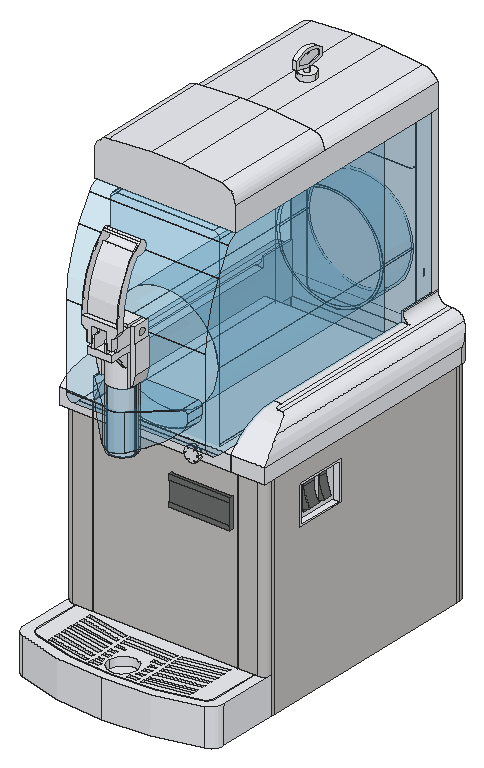
Revit family "QF_ELECTROLUXPROFESSIONAL_560103_SP1NewLUK", category Specialty Equipment, Revit 2018 (continued)
Lines and regions (mm)
  Split face 68
    outline origin (-128, -90, 0) x (0, -1, 0) y (0, 0, -1)
      loop
        line (-30.859, -262.213) -> (-104.859, -262.213) -> (-100.359, -270.213) -> (-35.359, -270.213) -> (-30.859, -262.213)
  Split face 69
    outline origin (-128, -90, 0) x (0, -1, 0) y (0, 0, -1)
      loop
        line (-30.859, -252.213) -> (-104.859, -252.213) -> (-100.359, -260.213) -> (-35.359, -260.213) -> (-30.859, -252.213)
  Split face 70
    outline origin (-128, -90, 0) x (0, -1, 0) y (0, 0, -1)
      loop
        line (-30.859, -242.213) -> (-104.859, -242.213) -> (-100.359, -250.213) -> (-35.359, -250.213) -> (-30.859, -242.213)
  Split face 71
    outline origin (-128, -90, -20) x (0, -1, 0) y (0, 0, -1)
      loop
        line (-30.859, -252.213) -> (-104.859, -252.213) -> (-100.359, -260.213) -> (-35.359, -260.213) -> (-30.859, -252.213)
  Split face 72
    outline origin (-128, -90, -20) x (0, -1, 0) y (0, 0, -1)
      loop
        line (-30.859, -242.213) -> (-104.859, -242.213) -> (-100.359, -250.213) -> (-35.359, -250.213) -> (-30.859, -242.213)
  Split face 73
    outline origin (-128, -90, -40) x (0, -1, 0) y (0, 0, -1)
      loop
        line (-30.859, -252.213) -> (-104.859, -252.213) -> (-100.359, -260.213) -> (-35.359, -260.213) -> (-30.859, -252.213)
  Split face 74
    outline origin (-128, -90, -40) x (0, -1, 0) y (0, 0, -1)
      loop
        line (-30.859, -242.213) -> (-104.859, -242.213) -> (-100.359, -250.213) -> (-35.359, -250.213) -> (-30.859, -242.213)
  Split face 75
    outline origin (-128, -90, -60) x (0, -1, 0) y (0, 0, -1)
      loop
        line (-30.859, -252.213) -> (-104.859, -252.213) -> (-100.359, -260.213) -> (-35.359, -260.213) -> (-30.859, -252.213)
  Split face 76
    outline origin (-128, -90, -60) x (0, -1, 0) y (0, 0, -1)
      loop
        line (-30.859, -242.213) -> (-104.859, -242.213) -> (-100.359, -250.213) -> (-35.359, -250.213) -> (-30.859, -242.213)
  Split face 77
    outline origin (-128, -90, -80) x (0, -1, 0) y (0, 0, -1)
      loop
        line (-30.859, -252.213) -> (-104.859, -252.213) -> (-100.359, -260.213) -> (-35.359, -260.213) -> (-30.859, -252.213)
  Split face 78
    outline origin (-128, -90, -80) x (0, -1, 0) y (0, 0, -1)
      loop
        line (-30.859, -242.213) -> (-104.859, -242.213) -> (-100.359, -250.213) -> (-35.359, -250.213) -> (-30.859, -242.213)
  Split face 79
    outline origin (-128, -90, -100) x (0, -1, 0) y (0, 0, -1)
      loop
        line (-30.859, -252.213) -> (-104.859, -252.213) -> (-100.359, -260.213) -> (-35.359, -260.213) -> (-30.859, -252.213)
  Split face 80
    outline origin (-128, -90, -100) x (0, -1, 0) y (0, 0, -1)
      loop
        line (-30.859, -242.213) -> (-104.859, -242.213) -> (-100.359, -250.213) -> (-35.359, -250.213) -> (-30.859, -242.213)
  Split face 81
    outline origin (-128, -90, -120) x (0, -1, 0) y (0, 0, -1)
      loop
        line (-30.859, -252.213) -> (-104.859, -252.213) -> (-100.359, -260.213) -> (-35.359, -260.213) -> (-30.859, -252.213)
  Split face 82
    outline origin (-128, -90, -120) x (0, -1, 0) y (0, 0, -1)
      loop
        line (-30.859, -242.213) -> (-104.859, -242.213) -> (-100.359, -250.213) -> (-35.359, -250.213) -> (-30.859, -242.213)
  Split face 83
    outline origin (-128, -90, -140) x (0, -1, 0) y (0, 0, -1)
      loop
        line (-30.859, -252.213) -> (-104.859, -252.213) -> (-100.359, -260.213) -> (-35.359, -260.213) -> (-30.859, -252.213)
  Split face 84
    outline origin (-128, -90, -140) x (0, -1, 0) y (0, 0, -1)
      loop
        line (-30.859, -242.213) -> (-104.859, -242.213) -> (-100.359, -250.213) -> (-35.359, -250.213) -> (-30.859, -242.213)
  Split face 85
    outline origin (-128, -90, -160) x (0, -1, 0) y (0, 0, -1)
      loop
        line (-30.859, -252.213) -> (-104.859, -252.213) -> (-100.359, -260.213) -> (-35.359, -260.213) -> (-30.859, -252.213)
  Split face 86
    outline origin (-128, -90, -160) x (0, -1, 0) y (0, 0, -1)
      loop
        line (-30.859, -242.213) -> (-104.859, -242.213) -> (-100.359, -250.213) -> (-35.359, -250.213) -> (-30.859, -242.213)
  Split face 87
    outline origin (-128, -90, -180) x (0, -1, 0) y (0, 0, -1)
      loop
        line (-30.859, -252.213) -> (-104.859, -252.213) -> (-100.359, -260.213) -> (-35.359, -260.213) -> (-30.859, -252.213)
  Split face 88
    outline origin (-128, -90, -180) x (0, -1, 0) y (0, 0, -1)
      loop
        line (-30.859, -242.213) -> (-104.859, -242.213) -> (-100.359, -250.213) -> (-35.359, -250.213) -> (-30.859, -242.213)
  Split face 89
    outline origin (-128, -90, -200) x (0, -1, 0) y (0, 0, -1)
      loop
        line (-30.859, -252.213) -> (-104.859, -252.213) -> (-100.359, -260.213) -> (-35.359, -260.213) -> (-30.859, -252.213)
  Split face 90
    outline origin (-128, -90, -200) x (0, -1, 0) y (0, 0, -1)
      loop
        line (-30.859, -242.213) -> (-104.859, -242.213) -> (-100.359, -250.213) -> (-35.359, -250.213) -> (-30.859, -242.213)
  Split face 91
    outline origin (-89.958, 209.321, 14) x (1, 0, 0) y (0, 0, -1)
      loop
        line (19.909, -204.404) -> (29.909, -204.404) -> (29.909, -141.98) -> (19.909, -141.98) -> (19.909, -204.404)
  Split face 92
    outline origin (-76.909, 209.321, 14) x (1, 0, 0) y (0, 0, -1)
      loop
        line (19.909, -204.404) -> (29.909, -204.404) -> (29.909, -141.98) -> (19.909, -141.98) -> (19.909, -204.404)
  Split face 93
    outline origin (-63.909, 209.321, 14) x (1, 0, 0) y (0, 0, -1)
      loop
        line (19.909, -204.404) -> (29.909, -204.404) -> (29.909, -141.98) -> (19.909, -141.98) -> (19.909, -204.404)
  Split face 94
    outline origin (-50.909, 209.321, 14) x (1, 0, 0) y (0, 0, -1)
      loop
        line (19.909, -204.404) -> (29.909, -204.404) -> (29.909, -141.98) -> (19.909, -141.98) -> (19.909, -204.404)
  Split face 95
    outline origin (-37.909, 209.321, 14) x (1, 0, 0) y (0, 0, -1)
      loop
        line (19.909, -204.404) -> (29.909, -204.404) -> (29.909, -141.98) -> (19.909, -141.98) -> (19.909, -204.404)
  Split face 96
    outline origin (-24.909, 209.321, 14) x (1, 0, 0) y (0, 0, -1)
      loop
        line (19.909, -204.404) -> (29.909, -204.404) -> (29.909, -141.98) -> (19.909, -141.98) -> (19.909, -204.404)
  Split face 97
    outline origin (89.958, 209.321, 14) x (-1, 0, 0) y (0, 0, 1)
      loop
        line (19.909, 204.404) -> (19.909, 141.98) -> (29.909, 141.98) -> (29.909, 204.404) -> (19.909, 204.404)
  Split face 98
    outline origin (76.909, 209.321, 14) x (-1, 0, 0) y (0, 0, 1)
      loop
        line (19.909, 204.404) -> (19.909, 141.98) -> (29.909, 141.98) -> (29.909, 204.404) -> (19.909, 204.404)
  Split face 99
    outline origin (63.909, 209.321, 14) x (-1, 0, 0) y (0, 0, 1)
      loop
        line (19.909, 204.404) -> (19.909, 141.98) -> (29.909, 141.98) -> (29.909, 204.404) -> (19.909, 204.404)
  Split face 100
    outline origin (50.909, 209.321, 14) x (-1, 0, 0) y (0, 0, 1)
      loop
        line (19.909, 204.404) -> (19.909, 141.98) -> (29.909, 141.98) -> (29.909, 204.404) -> (19.909, 204.404)
  Split face 101
    outline origin (37.909, 209.321, 14) x (-1, 0, 0) y (0, 0, 1)
      loop
        line (19.909, 204.404) -> (19.909, 141.98) -> (29.909, 141.98) -> (29.909, 204.404) -> (19.909, 204.404)
  Split face 102
    outline origin (-89.958, 209.321, -53) x (1, 0, 0) y (0, 0, -1)
      loop
        line (19.909, -204.404) -> (29.909, -204.404) -> (29.909, -141.98) -> (19.909, -141.98) -> (19.909, -204.404)
  Split face 103
    outline origin (-76.909, 209.321, -53) x (1, 0, 0) y (0, 0, -1)
      loop
        line (19.909, -204.404) -> (29.909, -204.404) -> (29.909, -141.98) -> (19.909, -141.98) -> (19.909, -204.404)
  Split face 104
    outline origin (-63.909, 209.321, -53) x (1, 0, 0) y (0, 0, -1)
      loop
        line (19.909, -204.404) -> (29.909, -204.404) -> (29.909, -141.98) -> (19.909, -141.98) -> (19.909, -204.404)
  Split face 105
    outline origin (-50.909, 209.321, -53) x (1, 0, 0) y (0, 0, -1)
      loop
        line (19.909, -204.404) -> (29.909, -204.404) -> (29.909, -141.98) -> (19.909, -141.98) -> (19.909, -204.404)
  Split face 106
    outline origin (-37.909, 209.321, -53) x (1, 0, 0) y (0, 0, -1)
      loop
        line (19.909, -204.404) -> (29.909, -204.404) -> (29.909, -141.98) -> (19.909, -141.98) -> (19.909, -204.404)
  Split face 107
    outline origin (-24.909, 209.321, -53) x (1, 0, 0) y (0, 0, -1)
      loop
        line (19.909, -204.404) -> (29.909, -204.404) -> (29.909, -141.98) -> (19.909, -141.98) -> (19.909, -204.404)
  Split face 108
    outline origin (89.958, 209.321, -53) x (-1, 0, 0) y (0, 0, 1)
      loop
        line (19.909, 204.404) -> (19.909, 141.98) -> (29.909, 141.98) -> (29.909, 204.404) -> (19.909, 204.404)
  Split face 109
    outline origin (76.909, 209.321, -53) x (-1, 0, 0) y (0, 0, 1)
      loop
        line (19.909, 204.404) -> (19.909, 141.98) -> (29.909, 141.98) -> (29.909, 204.404) -> (19.909, 204.404)
  Split face 110
    outline origin (63.909, 209.321, -53) x (-1, 0, 0) y (0, 0, 1)
      loop
        line (19.909, 204.404) -> (19.909, 141.98) -> (29.909, 141.98) -> (29.909, 204.404) -> (19.909, 204.404)
  Split face 111
    outline origin (50.909, 209.321, -53) x (-1, 0, 0) y (0, 0, 1)
      loop
        line (19.909, 204.404) -> (19.909, 141.98) -> (29.909, 141.98) -> (29.909, 204.404) -> (19.909, 204.404)
  Split face 112
    outline origin (37.909, 209.321, -53) x (-1, 0, 0) y (0, 0, 1)
      loop
        line (19.909, 204.404) -> (19.909, 141.98) -> (29.909, 141.98) -> (29.909, 204.404) -> (19.909, 204.404)
  Split face 113
    outline origin (-89.958, 209.321, -120) x (1, 0, 0) y (0, 0, -1)
      loop
        line (19.909, -204.404) -> (29.909, -204.404) -> (29.909, -141.98) -> (19.909, -141.98) -> (19.909, -204.404)
  Split face 114
    outline origin (-76.909, 209.321, -120) x (1, 0, 0) y (0, 0, -1)
      loop
        line (19.909, -204.404) -> (29.909, -204.404) -> (29.909, -141.98) -> (19.909, -141.98) -> (19.909, -204.404)
  Split face 115
    outline origin (-63.909, 209.321, -120) x (1, 0, 0) y (0, 0, -1)
      loop
        line (19.909, -204.404) -> (29.909, -204.404) -> (29.909, -141.98) -> (19.909, -141.98) -> (19.909, -204.404)
  Split face 116
    outline origin (-50.909, 209.321, -120) x (1, 0, 0) y (0, 0, -1)
      loop
        line (19.909, -204.404) -> (29.909, -204.404) -> (29.909, -141.98) -> (19.909, -141.98) -> (19.909, -204.404)
  Split face 117
    outline origin (-37.909, 209.321, -120) x (1, 0, 0) y (0, 0, -1)
      loop
        line (19.909, -204.404) -> (29.909, -204.404) -> (29.909, -141.98) -> (19.909, -141.98) -> (19.909, -204.404)
  Split face 118
    outline origin (-24.909, 209.321, -120) x (1, 0, 0) y (0, 0, -1)
      loop
        line (19.909, -204.404) -> (29.909, -204.404) -> (29.909, -141.98) -> (19.909, -141.98) -> (19.909, -204.404)
  Split face 119
    outline origin (89.958, 209.321, -120) x (-1, 0, 0) y (0, 0, 1)
      loop
        line (19.909, 204.404) -> (19.909, 141.98) -> (29.909, 141.98) -> (29.909, 204.404) -> (19.909, 204.404)
  Split face 120
    outline origin (76.909, 209.321, -120) x (-1, 0, 0) y (0, 0, 1)
      loop
        line (19.909, 204.404) -> (19.909, 141.98) -> (29.909, 141.98) -> (29.909, 204.404) -> (19.909, 204.404)
  Split face 121
    outline origin (63.909, 209.321, -120) x (-1, 0, 0) y (0, 0, 1)
      loop
        line (19.909, 204.404) -> (19.909, 141.98) -> (29.909, 141.98) -> (29.909, 204.404) -> (19.909, 204.404)
  Split face 122
    outline origin (50.909, 209.321, -120) x (-1, 0, 0) y (0, 0, 1)
      loop
        line (19.909, 204.404) -> (19.909, 141.98) -> (29.909, 141.98) -> (29.909, 204.404) -> (19.909, 204.404)
  Split face 123
    outline origin (37.909, 209.321, -120) x (-1, 0, 0) y (0, 0, 1)
      loop
        line (19.909, 204.404) -> (19.909, 141.98) -> (29.909, 141.98) -> (29.909, 204.404) -> (19.909, 204.404)
  symbolic lines
    curve 1: arc (-116.528, -193.147, 14) -> (-69.509, -206.233, 14) -> (-21.031, -211.892, 14) r 314.7
    curve 2: arc (-128, -176.764, 14) -> (-124.847, -186.764, 14) -> (-116.528, -193.147, 14) r 17.434
    curve 3: line (-128, -108.594, 14) -> (-128, -176.764, 14)
    curve 4: line (-114, -115.977, 14) -> (-114, -172.813, 14)
    curve 5: arc (-114, -172.813, 14) -> (-111.75, -179.808, 14) -> (-105.843, -184.18, 14) r 12
    curve 6: arc (-105.843, -184.18, 14) -> (-64.978, -194.885, 14) -> (-23.02, -199.796, 14) r 302.7
    curve 7: arc (23.02, -199.796, 14) -> (64.978, -194.885, 14) -> (105.843, -184.18, 14) r 302.7
    curve 8: arc (105.843, -184.18, 14) -> (111.75, -179.808, 14) -> (114, -172.813, 14) r 12
    curve 9: line (114, -172.813, 14) -> (114, -115.977, 14)
    curve 10: arc (116.528, -193.147, 14) -> (124.847, -186.764, 14) -> (128, -176.764, 14) r 17.434
    curve 11: line (128, -176.764, 14) -> (128, -108.495, 14)
    curve 12: arc (-90.277, -183.786, 14) -> (-62.925, -190.182, 14) -> (-35.093, -193.971, 14) r 297.7
    curve 13: line (-35.093, -193.971, 14) -> (-35.093, -188.951, 14)
    curve 14: arc (-35.093, -188.951, 14) -> (-62.934, -185.094, 14) -> (-90.277, -178.584, 14) r 292.7
    curve 15: line (-90.277, -178.584, 14) -> (-90.277, -183.786, 14)
    curve 16: arc (-90.277, -173.786, 14) -> (-62.925, -180.182, 14) -> (-35.093, -183.971, 14) r 297.7
    curve 17: arc (-35.093, -178.951, 14) -> (-62.934, -175.094, 14) -> (-90.277, -168.584, 14) r 292.7
    curve 18: line (-90.277, -168.584, 14) -> (-90.277, -173.786, 14)
    curve 19: line (-35.093, -183.971, 14) -> (-35.093, -178.951, 14)
    curve 20: arc (-90.277, -163.786, 14) -> (-65.353, -169.723, 14) -> (-40.011, -173.495, 14) r 297.7
    curve 21: arc (-45.705, -167.802, 14) -> (-68.17, -164.061, 14) -> (-90.277, -158.584, 14) r 292.7
    curve 22: line (-90.277, -158.584, 14) -> (-90.277, -163.786, 14)
    curve 23: arc (-90.277, -153.786, 14) -> (-70.995, -158.577, 14) -> (-51.436, -162.07, 14) r 297.7
    curve 24: arc (-57.452, -156.07, 14) -> (-65.27, -154.645, 14) -> (-73.045, -153.009, 14) r 292.7
    curve 25: line (-90.277, -148.584, 14) -> (-90.277, -153.786, 14)
    curve 26: arc (-90.277, -143.786, 14) -> (-86.66, -144.789, 14) -> (-83.031, -145.747, 14) r 297.7
    curve 27: arc (-83.031, -140.581, 14) -> (-86.66, -139.606, 14) -> (-90.277, -138.584, 14) r 292.7
    curve 28: line (-90.277, -138.584, 14) -> (-90.277, -143.786, 14)
    curve 29: arc (-90.277, -133.786, 14) -> (-86.66, -134.789, 14) -> (-83.031, -135.747, 14) r 297.7
    curve 30: arc (-83.031, -130.581, 14) -> (-86.66, -129.606, 14) -> (-90.277, -128.584, 14) r 292.7
    curve 31: line (-90.277, -128.584, 14) -> (-90.277, -133.786, 14)
    curve 32: arc (-30.3, -184.288, 14) -> (-29.707, -184.315, 14) -> (-29.113, -184.342, 14) r 649.216
    curve 33: line (-30.3, -183.206, 14) -> (-30.3, -184.288, 14)
    curve 34: arc (-23.968, -189.549, 14) -> (-27.134, -189.423, 14) -> (-30.3, -189.282, 14) r 644.216
    curve 35: line (-30.3, -189.282, 14) -> (-30.3, -194.288, 14)
    curve 36: arc (-30.3, -194.288, 14) -> (-26.66, -194.447, 14) -> (-23.02, -194.587, 14) r 649.216
    curve 37: arc (90.277, -183.786, 14) -> (62.925, -190.182, 14) -> (35.093, -193.971, 14) r 297.7
    curve 38: line (35.093, -193.971, 14) -> (35.093, -188.951, 14)
    curve 39: arc (35.093, -188.951, 14) -> (62.934, -185.094, 14) -> (90.277, -178.584, 14) r 292.7
    curve 40: line (90.277, -178.584, 14) -> (90.277, -183.786, 14)
    curve 41: arc (90.277, -173.786, 14) -> (62.925, -180.182, 14) -> (35.093, -183.971, 14) r 297.7
    curve 42: arc (35.093, -178.951, 14) -> (62.934, -175.094, 14) -> (90.277, -168.584, 14) r 292.7
    curve 43: line (90.277, -168.584, 14) -> (90.277, -173.786, 14)
    curve 44: line (35.093, -183.971, 14) -> (35.093, -178.951, 14)
    curve 45: arc (90.277, -163.786, 14) -> (65.32, -169.73, 14) -> (39.943, -173.502, 14) r 297.7
    curve 46: arc (45.634, -167.811, 14) -> (68.136, -164.068, 14) -> (90.277, -158.584, 14) r 292.7
    curve 47: line (90.277, -158.584, 14) -> (90.277, -163.786, 14)
    curve 48: arc (90.277, -153.786, 14) -> (70.959, -158.584, 14) -> (51.364, -162.081, 14) r 297.7
    curve 49: arc (57.36, -156.085, 14) -> (65.223, -154.654, 14) -> (73.045, -153.009, 14) r 292.7
    curve 50: line (90.277, -148.584, 14) -> (90.277, -153.786, 14)
    curve 51: arc (90.277, -143.786, 14) -> (85.368, -145.136, 14) -> (80.436, -146.402, 14) r 297.7
    curve 52: arc (80.436, -141.248, 14) -> (85.368, -139.959, 14) -> (90.277, -138.584, 14) r 292.7
    curve 53: line (90.277, -138.584, 14) -> (90.277, -143.786, 14)
    curve 54: arc (90.277, -133.786, 14) -> (85.368, -135.136, 14) -> (80.436, -136.402, 14) r 297.7
    curve 55: arc (80.436, -131.248, 14) -> (85.368, -129.959, 14) -> (90.277, -128.584, 14) r 292.7
    curve 56: line (90.277, -128.584, 14) -> (90.277, -133.786, 14)
    curve 57: arc (30.3, -184.288, 14) -> (29.689, -184.316, 14) -> (29.077, -184.344, 14) r 649.216
    curve 58: line (30.3, -183.145, 14) -> (30.3, -184.288, 14)
    curve 59: arc (23.877, -189.552, 14) -> (27.089, -189.425, 14) -> (30.3, -189.282, 14) r 644.216
    curve 60: line (30.3, -189.282, 14) -> (30.3, -194.288, 14)
    curve 61: arc (30.3, -194.288, 14) -> (26.66, -194.447, 14) -> (23.02, -194.587, 14) r 649.216
    curve 62: line (-90.031, 212, 14) -> (-90.031, -113.009, 14)
    curve 64: arc (-90.031, 30.512, 14) -> (-84.173, 16.37, 14) -> (-70.031, 10.512, 14) r 20
    curve 65: arc (89.969, 30.512, 14) -> (84.111, 16.37, 14) -> (69.969, 10.512, 14) r 20
    curve 66: line (89.969, 30.512, 14) -> (89.969, -113.009, 14)
    curve 67: line (-3, 135.359, 14) -> (3, 135.359, 14)
    curve 68: line (-3, 96.233, 14) -> (-3, 135.359, 14)
    curve 69: line (3, 96.233, 14) -> (-3, 96.233, 14)
    curve 70: line (3, 135.359, 14) -> (3, 96.233, 14)
    curve 71: arc (-3, 105.213, 14) -> (-11, 115.796, 14) -> (-3, 126.379, 14) r 11
    curve 72: arc (3, 126.379, 14) -> (11, 115.796, 14) -> (3, 105.213, 14) r 11
    curve 73: arc (-90.031, -93.009, 14) -> (-82.737, -87.583, 14) -> (-73.891, -85.483, 14) r 22.513
    curve 74: arc (89.969, -93.009, 14) -> (82.675, -87.583, 14) -> (73.83, -85.483, 14) r 22.513
    curve 75: arc (-73.891, -85.483, 14) -> (-0.031, -83.009, 14) -> (73.83, -85.483, 14) r 1103.745
    curve 76: line (-0.031, -113.009, 14) -> (-0.031, -171, 14)
    curve 77: line (-83.031, -113.009, 14) -> (-83.031, -153.009, 14)
    curve 78: line (80.436, -113.009, 14) -> (80.436, -153.009, 14)
    curve 79: line (80.436, -153.009, 14) -> (-83.031, -153.009, 14)
    curve 80: line (55.436, -153.009, 14) -> (20.969, -187.476, 14)
    curve 81: line (-21.031, -216, 14) -> (20.969, -216, 14)
    curve 82: line (20.969, -216, 14) -> (20.969, -171, 14)
    curve 83: line (20.969, -171, 14) -> (-21.031, -171, 14)
    curve 84: line (15.969, -216, 14) -> (15.969, -181, 14)
    curve 85: line (15.969, -181, 14) -> (-15.031, -181, 14)
    curve 86: line (-15.031, -196, 14) -> (15.969, -196, 14)
    curve 87: line (60.436, -153.009, 14) -> (20.969, -192.476, 14)
    curve 88: line (-55.497, -153.009, 14) -> (-21.031, -187.476, 14)
    curve 89: line (-60.497, -153.009, 14) -> (-21.031, -192.476, 14)
    curve 90: line (-21.031, -216, 14) -> (-21.031, -171, 14)
    curve 91: line (-15.031, -216, 14) -> (-15.031, -181, 14)
    curve 95: arc (-111.031, -118.009, 14) -> (-125.173, -112.151, 14) -> (-131.031, -98.009, 14) r 20
    curve 96: line (-111.531, 212, 14) -> (-111.531, -50.009, 14)
    curve 97: line (-111.531, -50.009, 14) -> (-128.531, -50.009, 14)
    curve 98: line (-128.531, -50.009, 14) -> (-128.531, 206.68, 14)
    curve 99: arc (-118.054, 212, 14) -> (-127.23, 208.199, 14) -> (-131.031, 199.023, 14) r 12.977
    curve 100: line (-111.531, -50.009, 14) -> (-111.531, -67.785, 14)
    curve 101: arc (-111.531, -67.785, 14) -> (-113.43, -92.343, 14) -> (-119.082, -116.317, 14) r 159.732
    curve 102: line (-128.531, -50.009, 14) -> (-131.031, -67.798, 14)
    curve 103: line (-90.031, 157, 14) -> (-105.031, 157, 14)
    curve 104: line (-105.031, 157, 14) -> (-105.031, -88.009, 14)
    curve 105: arc (-105.031, -88.009, 14) -> (-103.566, -99.132, 14) -> (-99.273, -109.498, 14) r 42.977
    curve 106: line (-99.273, -109.498, 14) -> (-90.031, -109.498, 14)
    curve 110: arc (110.969, -118.009, 14) -> (125.111, -112.151, 14) -> (130.969, -98.009, 14) r 20
    curve 111: line (111.469, 212, 14) -> (111.469, -50.009, 14)
    curve 112: line (111.469, -50.009, 14) -> (128.469, -50.009, 14)
    curve 113: line (128.469, -50.009, 14) -> (128.469, 206.68, 14)
    curve 114: arc (117.992, 212, 14) -> (127.168, 208.199, 14) -> (130.969, 199.023, 14) r 12.977
    curve 115: line (111.469, -50.009, 14) -> (111.469, -67.785, 14)
    curve 116: arc (111.469, -67.785, 14) -> (113.368, -92.343, 14) -> (119.021, -116.317, 14) r 159.732
    curve 117: line (128.469, -50.009, 14) -> (130.969, -67.798, 14)
    curve 118: line (89.969, 157, 14) -> (104.969, 157, 14)
    curve 119: line (104.969, 157, 14) -> (104.969, -88.009, 14)
    curve 120: arc (104.969, -88.009, 14) -> (103.505, -99.132, 14) -> (99.211, -109.498, 14) r 42.977
    curve 121: line (99.211, -109.498, 14) -> (89.969, -109.498, 14)
    curve 125: arc (-83.031, -150.581, 14) -> (-86.66, -149.606, 14) -> (-90.277, -148.584, 14) r 292.7
    curve 126: arc (-90.277, -123.786, 14) -> (-86.668, -124.787, 14) -> (-83.046, -125.743, 14) r 297.7
    curve 127: line (-90.277, -118.584, 14) -> (-90.277, -123.786, 14)
    curve 128: arc (-83.043, -120.578, 14) -> (-86.666, -119.604, 14) -> (-90.277, -118.584, 14) r 292.7
    curve 129: arc (20.969, -211.894, 14) -> (69.478, -206.239, 14) -> (116.528, -193.147, 14) r 314.7
    curve 130: arc (80.436, -151.248, 14) -> (85.368, -149.959, 14) -> (90.277, -148.584, 14) r 292.7
    curve 131: arc (90.277, -118.584, 14) -> (85.368, -119.959, 14) -> (80.436, -121.248, 14) r 292.7
    curve 132: line (90.277, -123.786, 14) -> (90.277, -118.584, 14)
    curve 133: arc (80.436, -126.402, 14) -> (85.368, -125.136, 14) -> (90.277, -123.786, 14) r 297.7
  symbolic lines, style "SpecialityEquipment"
    curve 63: line (-70.031, 10.512, 14) -> (69.969, 10.512, 14)
    curve 92: line (117.992, 212, 14) -> (-118.054, 212, 14)
    curve 93: line (89.969, 212, 14) -> (89.969, 30.512, 14)
    curve 94: line (89.969, -113.009, 14) -> (-90.031, -113.009, 14)
    curve 107: line (-131.031, 199.023, 14) -> (-131.031, -98.009, 14)
    curve 108: line (-90.031, -113.009, 14) -> (-90.031, -118.009, 14)
    curve 109: line (-90.031, -118.009, 14) -> (-111.031, -118.009, 14)
    curve 122: line (130.969, 199.023, 14) -> (130.969, -98.009, 14)
    curve 123: line (89.969, -113.009, 14) -> (89.969, -118.009, 14)
    curve 124: line (89.969, -118.009, 14) -> (110.969, -118.009, 14)
Dimensions and locks
  plane 4 "FEET" to level = 14 mm
  plane 6 "LEFT" to plane 3 "Center (Left/Right)" to plane 7 "RIGHT" = 131 mm, 131 mm
  plane 5 "BACK" to plane 1 "Center (Front/Back)" = 212 mm
  plane 6 "LEFT" to plane 7 "RIGHT" = 262 mm
  plane 5 "BACK" to plane 8 = 43 mm
  plane 8 to plane 11 = 250 mm
  plane 14 "TOP" to level = 640 mm
  plane 15 "FRONT" to plane 5 "BACK" = 428 mm
  plane 5 "BACK" to plane 15 "FRONT" = 428 mm
  Extrusion 63 to Extrusion 62 = 606 mm
  Extrusion 62 to Extrusion 63 = 613 mm
  cut or joined group of Extrusion 44, Extrusion 65 to cut or joined group of Extrusion 44, Extrusion 65 = 180.056 mm
  aligned and locked: level to plane 2 "BASE"
Connectors
  electrical at (69, -56, 4)
    settings: on Extrusion 30, index 1, voltage 0 V, apparent load 0 VA, apparent load phase1 0 VA, apparent load phase2 0 VA, apparent load phase3 0 VA, power factor 1, load classification "Other", number of poles 1, system type 30, power factor state 1, is connector primary yes, connector utility no, sub classification motor no, connector description "Electrical connection"
